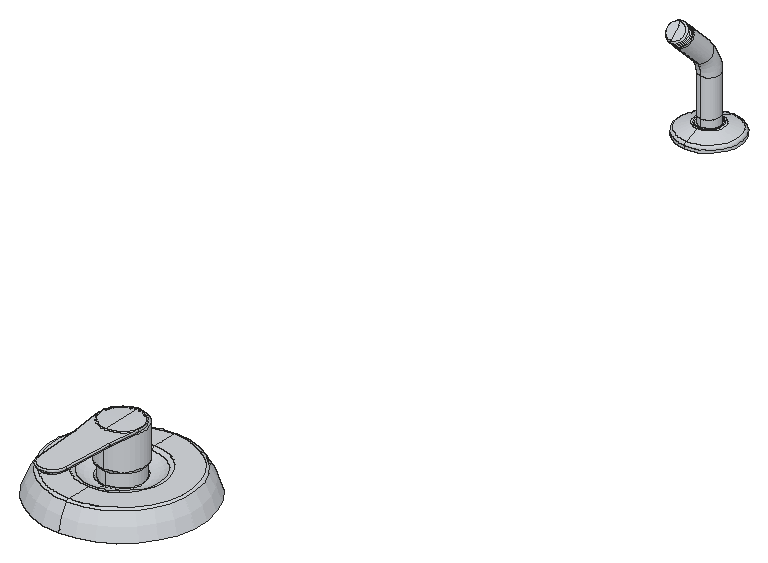
Revit family "Shower-Shower_Trim-KOHLER-July-K-TLS98009", category Plumbing Fixtures, host Face, Revit 2015
Parameters (values of type "CP-Polished Chrome")
  Width = 6 1/2"  # constant formula
  WaterSense Certified = 1 = 0  # no
  Waste Water Outlet = "Waste Water Outlet"  # constant formula
  Waste Connection = 1 = 0  # no
  Vent Connection = 1 = 0  # no
  URL = "https://www.us.kohler.com/us/"
  Type = 1
  Tempered Water Inlet = "Tempered Water Inlet"  # constant formula
  Product Page URL = "http://www.us.kohler.com/us/catalog/productDetails.jsp?productNumber=TLS98009-4"
  Product Name = "July"  # constant formula
  Product Documentation Link = "https://www.us.kohler.com/webassets/kpna/catalog/pdf/en/K-TLS98009-4_spec.pdf"
  Pressure = 0.00 psi
  Model = if(Type = 1, "K-TLS98009-4-CP", if(Type = 2, "K-TLS98009-4-G", "NA"))  # "K-TLS98009-4-CP"
  Material = "Premium Metal Construction"  # constant formula
  MasterFormat 2004 = "22.41.23"  # constant formula
  MasterFormat 1995 = "15410"  # constant formula
  Manufacturer Address = "444 Highland Dr, Kohler, WI 53044"  # constant formula
  Manufacturer = "KOHLER Co."  # constant formula
  Length = 4 1/2"  # constant formula
  Hot Water Inlet = "Hot Water Inlet"  # constant formula
  Height = 6 1/2"  # constant formula
  Handle Clearance = 4 1/8"  # constant formula
  HW Connection = 1 = 1  # yes
  Flow Rate = 0 GPM
  Finish = Kohler-Metal-CP-Polished_Chrome
  Environmental Product Declaration = ""
  Drain Included = 1 = 0  # no
  Showerhead Distance [instance] = 30"
  Description = "Rite-Temp shower valve trim with lever handle, less showerhead"  # constant formula
  Default Elevation = 42"
  Declare Label = ""
  Date Modified = "04/09/2019"  # constant formula
  Date Created = "04/09/2019"  # constant formula
  Copyright = "Copyright KOHLER Co."  # constant formula
  Contact Us = "https://www.us.kohler.com/us/static/contact.jsp"
  Cold Water Inlet = "Cold Water Inlet"  # constant formula
  CW Connection = 1 = 0  # no
  Assembly Code = "D2010700"
  ADA Compliant = 1 = 1  # yes
Types (3): name | Type | Model | Finish | Showerhead Distance
  (no name) | 1 | "K-TLS98009-4-CP" | Kohler-Metal-CP-Polished_Chrome | 30"
  CP-Polished Chrome | 1 | "K-TLS98009-4-CP" | Kohler-Metal-CP-Polished_Chrome | 30"
  G-Brushed Chrome | 2 | "K-TLS98009-4-G" | Kohler-Metal-G-Brushed_Chrome | 36"
Reference planes (in)
  plane 1 "Center (Front/Back)": y = 0
  plane 2: z = 0
  plane 3 "Center (Left/Right)": x = 0
  plane 4: y = 30
  plane 5: y = 3.25
  plane 6: x = -3.25
  plane 7: y = -3.25
  plane 8: x = 3.25
  plane 9: z = 4.5
  plane 10: y = 31.25
  plane 11: x = 1.25
  plane 12: y = 28.75
  plane 13: x = -1.25
  plane 14: y = 28.3125
  plane 15: z = 2.75
  plane 16: y = -4.125
Dimensions and locks (in)
  "Showerhead Distance": plane 1 "Center (Front/Back)" to plane 4
  "Length": plane 9 to level
  "Height": plane 7 to plane 5
  "Width": plane 6 to plane 8
  equal spacing: plane 7, plane 1 "Center (Front/Back)", plane 5
  equal spacing: plane 6, plane 3 "Center (Left/Right)", plane 8
  equal spacing: plane 13, plane 3 "Center (Left/Right)", plane 11
  equal spacing: plane 10, plane 4, plane 12
  plane 13 to plane 11 = 2 1/2"
  plane 10 to plane 12 = 2 1/2"
  plane 4 to plane 14 = 1 11/16"
  plane 15 to plane 2 = 2 3/4"
  plane 1 "Center (Front/Back)" to plane 16 = 4 1/8"
  "Handle Clearance": plane 16 to plane 1 "Center (Front/Back)"
  aligned and locked: host face to plane 2
  aligned and locked: host face to level
  aligned and locked: plane 4 to nested 2
Automatic sketch dimensions
  host sketch curve to host sketch curve = 96"  (x2)
Nested families (in)
  nested 1: "K-TLS98009_Trim" at (0, 0, 0), type "K-T14777_Trim"
  nested 2: "K-TLS98009_Shower arm" at (0, 3, 0), type "K-T14777_Showerhead"
Connectors (in)
  piping at (0, 30, 0.10453), diameter 0.5, driven by "HW Connection", driven by "Tempered Water Inlet", driven by "Flow Rate"
    settings: on nested 2, index 1, connector inside diameter 24", connector length 0", flow factor 0, pipe flow 0 GPM, pressure drop 0.00 psi, fitting loss kfactor 0, connector angle 0.00°, fixture units 0, engagement length 0", angle of deflection 0.00°, flow configuration 0, flow direction 1, fitting loss method 0, system type 19, joint type 0, gender type 0, connector reference index -1, connector utility 1, adjustable connector no, is connector primary yes, connector description "Tempered Water Inlet"
Definition of nested family "K-TLS98009_Trim"
  Parameters (values of type "K-TLS98009_Trim")
    Material = none
  Reference planes (in)
    plane 1 "Center (Front/Back)": y = 0
    plane 2: z = 0
    plane 3 "Center (Left/Right)": x = 0
    plane 4: z = 2.75
    plane 5: x = 3.25
    plane 6: y = 3.25
    plane 7: x = -3.25
    plane 8: y = -3.25
    plane 9: y = -4.125
    plane 10: z = 4.5
  Forms (in)
    Revolve 1, solid, material <- "Material", detail levels medium+fine
      sketch origin (0, 0, 0) x (0, 1, 0) y (0, 0, 1)
        loop
          arc (0, 2.75) -> (0.40792, 2.74518) -> (0.81564, 2.73171) r 19.24857
          arc (0.81564, 2.73171) -> (0.89339, 2.69648) -> (0.9252, 2.61726) r 0.11456
          line (0.9252, 2.61726) -> (0.9252, 1.29484)
          arc (0.9252, 1.29484) -> (0.91939, 1.28081) -> (0.90536, 1.275) r 0.01984
          line (0.90536, 1.275) -> (0.81196, 1.275) -> (0.81196, 0.61989) -> (0.83872, 0.5625) -> (0.83872, 0.63519)
          arc (0.83872, 0.63519) -> (0.85521, 0.67445) -> (0.89479, 0.69017) r 0.05499
          arc (0.89479, 0.69017) -> (1.22996, 0.74858) -> (1.51879, 0.92837) r 0.89087
          arc (1.51879, 0.92837) -> (1.60314, 0.98145) -> (1.70106, 1) r 0.26771
          line (1.70106, 1) -> (2.70023, 1)
          arc (2.70023, 1) -> (2.76314, 0.98478) -> (2.81213, 0.94249) r 0.13762
          arc (2.81213, 0.94249) -> (3.07511, 0.49171) -> (3.25, 0) r 2.80418
          line (3.25, 0) -> (0, 0) -> (0, 2.75567)
        axis (0, 2.75567) -> (0, 0)
      angle from 0 to 360
    Sweep 2, solid, material <- "Material", detail levels medium+fine
      path origin (0, 0, 0) x (1, 0, 0) y (0, 1, 0)
        loop
          line (0.38024, -3.5592) -> (0.49988, -1.50814)
          arc (0.49988, -1.50814) -> (0.56007, -0.85677) -> (0.6642, -0.21097) r 9.65895
          arc (0.6642, -0.21097) -> (0, 0.59621) -> (-0.6642, -0.21097) r 0.67687
          arc (-0.6642, -0.21097) -> (-0.56007, -0.85677) -> (-0.49988, -1.50814) r 9.65895
          line (-0.49988, -1.50814) -> (-0.38024, -3.5592)
          arc (-0.38024, -3.5592) -> (0, -3.91791) -> (0.38024, -3.5592) r 0.38088
      profile origin (0, -3.91791, 0) x (0, -1, 0) y (0, 0, 1)
        loop
          line (-0.03816, 2.72706) -> (-0.03816, 2.53213) -> (0.01289, 2.53213)
          arc (0.01289, 2.53213) -> (0.07109, 2.54224) -> (0.12247, 2.57139) r 0.17254
          arc (0.12247, 2.57139) -> (0.16536, 2.61242) -> (0.20161, 2.65941) r 0.39492
          arc (0.20161, 2.65941) -> (0.20356, 2.70412) -> (0.16514, 2.72706) r 0.04365
          line (0.16514, 2.72706) -> (-0.03816, 2.72706)
    Extrusion 3, solid, material <- "Material", detail levels medium+fine
      sketch origin (0, 0, 0) x (1, 0, 0) y (0, 1, 0)
        loop
          arc (0.6642, -0.21097) -> (0, 0.59621) -> (-0.6642, -0.21097) r 0.67687
          arc (-0.6642, -0.21097) -> (-0.56007, -0.85677) -> (-0.49988, -1.50814) r 9.65895
          line (-0.49988, -1.50814) -> (-0.38024, -3.5592)
          arc (-0.38024, -3.5592) -> (0, -3.91791) -> (0.38024, -3.5592) r 0.38088
          line (0.38024, -3.5592) -> (0.49988, -1.50814)
          arc (0.49988, -1.50814) -> (0.56007, -0.85677) -> (0.6642, -0.21097) r 9.65895
      from 2.53213 to 2.72706
    Revolve 4, solid, material <- "Material", detail levels coarse
      sketch origin (0, 0, 0) x (0, 1, 0) y (0, 0, 1)
        loop
          line (0, 0) -> (3.25, 0) -> (3.25, 1) -> (0.92544, 1) -> (0.92544, 2.75) -> (0, 2.75) -> (0, 0)
        axis (0, 2.75) -> (0, 0)
      angle from 0 to 360
    Extrusion 5, solid, material <- "Material", detail levels coarse
      sketch origin (0, 0, 0) x (1, 0, 0) y (0, 1, 0)
        loop
          arc (0.86349, -0.06174) -> (0, 0.89745) -> (-0.86349, -0.06174) r 0.86827
          arc (-0.86349, -0.06174) -> (-0.69902, -1.82143) -> (-0.57579, -3.5845) r 75.47576
          arc (-0.57579, -3.5845) -> (0, -4.12778) -> (0.57579, -3.5845) r 0.57676
          arc (0.57579, -3.5845) -> (0.69902, -1.82143) -> (0.86349, -0.06174) r 75.47576
      from 2.50978 to 2.75
  Cuts and joins
    joined: Sweep 2, Extrusion 3
    joined: Revolve 4, Extrusion 5
  Lines and regions (in)
    Masking region 1
      outline origin (0, 0, 0) x (1, 0, 0) y (0, 1, 0)
        loop
          arc (-0.11992, 3.25) -> (-2.29966, 2.29966) -> (-3.25, 0.11992) r 3.25221
          line (-3.25, 0.11992) -> (-3.25, -0.11992)
          arc (-3.25, -0.11992) -> (-2.46767, -2.11837) -> (-0.61076, -3.19435) r 3.25221
          line (-0.61076, -3.19435) -> (-0.58847, -3.5727)
          arc (-0.58847, -3.5727) -> (-0.42377, -3.9478) -> (-0.05441, -4.125) r 0.58949
          line (-0.05441, -4.125) -> (0.05441, -4.125)
          arc (0.05441, -4.125) -> (0.42377, -3.9478) -> (0.58847, -3.5727) r 0.58949
          line (0.58847, -3.5727) -> (0.61076, -3.19435)
          arc (0.61076, -3.19435) -> (2.46767, -2.11837) -> (3.25, -0.11992) r 3.25221
          line (3.25, -0.11992) -> (3.25, 0.11992)
          arc (3.25, 0.11992) -> (2.29966, 2.29966) -> (0.11992, 3.25) r 3.25221
          line (0.11992, 3.25) -> (-0.11992, 3.25)
    Masking region 2
      outline origin (0, 0, 0) x (0, 1, 0) y (0, 0, 1)
        loop
          line (0.81196, 1) -> (0.81196, 1.27506) -> (0.90529, 1.27506)
          arc (0.90529, 1.27506) -> (0.91926, 1.28084) -> (0.92505, 1.29481) r 0.01975
          line (0.92505, 1.29481) -> (0.92505, 2.61716)
          arc (0.92505, 2.61716) -> (0.89304, 2.69662) -> (0.81489, 2.73171) r 0.11463
          arc (0.81489, 2.73171) -> (0.581, 2.74296) -> (0.34695, 2.75) r 13.02006
          line (0.34695, 2.75) -> (-3.19893, 2.75)
          arc (-3.19893, 2.75) -> (-3.64701, 2.74248) -> (-4.09458, 2.71993) r 13.35482
          arc (-4.09458, 2.71993) -> (-4.12051, 2.70397) -> (-4.12202, 2.67357) r 0.03267
          arc (-4.12202, 2.67357) -> (-4.0785, 2.60683) -> (-4.01792, 2.55508) r 0.2796
          arc (-4.01792, 2.55508) -> (-3.98417, 2.53988) -> (-3.94752, 2.53468) r 0.1317
          line (-3.94752, 2.53468) -> (-3.63848, 2.53468)
          arc (-3.63848, 2.53468) -> (-3.35428, 2.55843) -> (-3.06919, 2.56636) r 5.13102
          line (-3.06919, 2.56636) -> (-1.54406, 2.56636)
          arc (-1.54406, 2.56636) -> (-1.41517, 2.56474) -> (-1.28636, 2.55988) r 5.13104
          arc (-1.28636, 2.55988) -> (-1.0299, 2.44215) -> (-0.9252, 2.1801) r 0.38026
          line (-0.9252, 2.1801) -> (-0.9252, 1.29484)
          arc (-0.9252, 1.29484) -> (-0.91939, 1.28081) -> (-0.90536, 1.275) r 0.01983
          line (-0.90536, 1.275) -> (-0.81196, 1.275) -> (-0.81196, 1) -> (-2.70023, 1)
          arc (-2.70023, 1) -> (-2.76314, 0.98478) -> (-2.81213, 0.94249) r 0.13762
          arc (-2.81213, 0.94249) -> (-3.07511, 0.49171) -> (-3.25, 0) r 2.80418
          line (-3.25, 0) -> (3.25, 0)
          arc (3.25, 0) -> (3.07511, 0.49171) -> (2.81213, 0.94249) r 2.80418
          arc (2.81213, 0.94249) -> (2.76314, 0.98478) -> (2.70023, 1) r 0.13762
          line (2.70023, 1) -> (0.81196, 1)
    Masking region 3
      outline origin (0, 0, 0) x (1, 0, 0) y (0, 0, 1)
        loop
          arc (3.25, 0) -> (3.07345, 0.49119) -> (2.8105, 0.94206) r 2.85759
          arc (2.8105, 0.94206) -> (2.7607, 0.98518) -> (2.69668, 1.0007) r 0.1398
          line (2.69668, 1.0007) -> (0.81196, 1.0007) -> (0.81196, 1.275) -> (0.90487, 1.275)
          arc (0.90487, 1.275) -> (0.91925, 1.28096) -> (0.92521, 1.29534) r 0.02034
          line (0.92521, 1.29534) -> (0.92521, 2.61101)
          arc (0.92521, 2.61101) -> (0.89196, 2.69423) -> (0.81051, 2.73163) r 0.12078
          arc (0.81051, 2.73163) -> (0.53106, 2.74326) -> (0.25145, 2.75) r 16.00781
          line (0.25145, 2.75) -> (-0.24082, 2.75)
          arc (-0.24082, 2.75) -> (-0.52006, 2.74327) -> (-0.79914, 2.73167) r 16.00781
          arc (-0.79914, 2.73167) -> (-0.88794, 2.69826) -> (-0.92521, 2.61101) r 0.12078
          line (-0.92521, 2.61101) -> (-0.92521, 1.29534)
          arc (-0.92521, 1.29534) -> (-0.91925, 1.28096) -> (-0.90487, 1.275) r 0.02034
          line (-0.90487, 1.275) -> (-0.81196, 1.275) -> (-0.81196, 1.0007) -> (-2.69668, 1.0007)
          arc (-2.69668, 1.0007) -> (-2.7607, 0.98518) -> (-2.8105, 0.94206) r 0.1398
          arc (-2.8105, 0.94206) -> (-3.07345, 0.49119) -> (-3.25, 0) r 2.85759
          line (-3.25, 0) -> (3.25, 0)
    symbolic lines, detail levels medium+fine
      curve 1: line (-0.61076, -3.19435, 0) -> (-0.69769, -1.75152, 0)
      curve 2: arc (-0.69769, -1.75152, 0) -> (-0.77343, -0.96424, 0) -> (-0.90518, -0.18438, 0) r 11.07096
      curve 3: line (0.61076, -3.19435, 0) -> (0.69769, -1.75152, 0)
      curve 4: arc (0.69769, -1.75152, 0) -> (0.77343, -0.96424, 0) -> (0.90518, -0.18438, 0) r 11.07096
      curve 5: arc (-0.90518, -0.18438, 0) -> (0, 0.9262, 0) -> (0.90518, -0.18438, 0) r 0.92418
      curve 6: line (0, -4.11934, 2.66824) -> (0, 0.91323, 2.66824)
      curve 7: arc (0, -0.9252, 2.18009) -> (0, -0.38704, 2.28096) -> (0, 0, 2.66824) r 0.92576
      curve 8: line (0, 0.81196, 1.275) -> (0, -0.81196, 1.275)
      curve 9: line (0, 0.81196, 1) -> (0, -0.81196, 1)
      curve 10: arc (0.64211, -2.67398, 0) -> (0, 2.75, 0) -> (-0.64211, -2.67398, 0) r 2.75
      curve 11: arc (0.71837, -1.46867, 0) -> (0, 1.63495, 0) -> (-0.71837, -1.46867, 0) r 1.63495
      curve 12: line (0.81196, 0, 1.0007) -> (-0.81196, 0, 1.0007)
      curve 13: line (0.81196, 0, 1.275) -> (-0.81196, 0, 1.275)
  Dimensions and locks (in)
    plane 4 to plane 2 = 2 3/4"
    plane 7 to plane 5 = 6 1/2"
    equal spacing: plane 7, plane 3 "Center (Left/Right)", plane 5
    plane 6 to plane 8 = 6 1/2"
    equal spacing: plane 6, plane 1 "Center (Front/Back)", plane 8
    plane 9 to plane 1 "Center (Front/Back)" = 4 1/8"
    plane 10 to plane 2 = 4 1/2"
    aligned and locked: plane 2 to level
  Automatic sketch dimensions
    Sweep 2 sketch curve to plane 3 "Center (Left/Right)" = 0"  (x2)
    Sweep 2 sketch curve to plane 3 "Center (Left/Right)" = 0.38024"
    Sweep 2 sketch curve to plane 3 "Center (Left/Right)" = 0.49988"
    Sweep 2 sketch curve to plane 8 = 1.17937"  (x2)
    plane 7 to Sweep 2 sketch curve = 6.89244"
    plane 8 to Sweep 2 sketch curve = 0.3092"
    plane 3 "Center (Left/Right)" to Sweep 2 sketch curve = 0.38024"
    plane 3 "Center (Left/Right)" to Sweep 2 sketch curve = 0.49988"
    plane 5 to Sweep 2 sketch curve = 6.89244"
    plane 8 to Sweep 2 sketch curve = 0.28702"
    plane 1 "Center (Front/Back)" to Sweep 2 sketch curve = 1.50814"
    Sweep 2 sketch curve to Sweep 2 sketch curve = 0"  (x3)
    plane 1 "Center (Front/Back)" to Sweep 2 sketch curve = 0.08065"
    Extrusion 3 sketch curve to plane 3 "Center (Left/Right)" = 0"  (x2)
    Extrusion 3 sketch curve to plane 3 "Center (Left/Right)" = 0.38024"
    Extrusion 3 sketch curve to plane 3 "Center (Left/Right)" = 0.49988"
    Extrusion 3 sketch curve to plane 8 = 1.17937"  (x2)
    plane 7 to Extrusion 3 sketch curve = 6.89244"
    plane 8 to Extrusion 3 sketch curve = 0.3092"
    plane 3 "Center (Left/Right)" to Extrusion 3 sketch curve = 0.38024"
    plane 3 "Center (Left/Right)" to Extrusion 3 sketch curve = 0.49988"
    plane 5 to Extrusion 3 sketch curve = 6.89244"
    plane 8 to Extrusion 3 sketch curve = 0.28702"
    plane 1 "Center (Front/Back)" to Extrusion 3 sketch curve = 1.50814"
    Extrusion 3 sketch curve to Extrusion 3 sketch curve = 0"  (x2)
    plane 1 "Center (Front/Back)" to Extrusion 3 sketch curve = 0.08065"
    profile plane to Sweep 2 sketch curve = 0.12832"
    profile plane to Sweep 2 sketch curve = 0.03816"
    Sweep 2 sketch curve to profile plane = 0.01289"
    Sweep 2 sketch curve to Sweep 2 sketch curve = 0.15224"
    level to Sweep 2 sketch curve = 2.53213"
    Sweep 2 sketch curve to Sweep 2 sketch curve = 0.15128"
    Sweep 2 sketch curve to Sweep 2 sketch curve = 0.02127"
    Sweep 2 sketch curve to Sweep 2 sketch curve = 0.02239"
    Sweep 2 sketch curve to Sweep 2 sketch curve = 0.14939"
    Masking region 1 sketch curve to Masking region 1 sketch curve = 0"  (x8)
    Masking region 1 sketch curve to plane 7 = 0"
    Masking region 1 sketch curve to plane 6 = 0"
    plane 1 "Center (Front/Back)" to Masking region 1 sketch curve = 0"
    Masking region 1 sketch curve to plane 3 "Center (Left/Right)" = 0"  (x2)
    Masking region 1 sketch curve to plane 5 = 0"
    Masking region 1 sketch curve to plane 3 "Center (Left/Right)" = 0.11992"
    plane 3 "Center (Left/Right)" to Masking region 1 sketch curve = 0.11992"
    plane 8 to Masking region 1 sketch curve = 0.28803"
    plane 1 "Center (Front/Back)" to Masking region 1 sketch curve = 0.11992"  (x2)
    Masking region 1 sketch curve to Masking region 1 sketch curve = 0.02229"  (x2)
    Masking region 1 sketch curve to plane 8 = 0.05565"  (x2)
    Masking region 1 sketch curve to plane 3 "Center (Left/Right)" = 0.05441"
    plane 3 "Center (Left/Right)" to Masking region 1 sketch curve = 0.05441"
    Masking region 1 sketch curve to plane 9 = 0"
    Revolve 1 sketch curve to plane 1 "Center (Front/Back)" = 0"  (x2)
    Revolve 1 sketch curve to level = 0"
    Revolve 1 sketch curve to plane 6 = 0"
    Revolve 1 sketch curve to plane 4 = 0"
    plane 1 "Center (Front/Back)" to Revolve 1 sketch curve = 0.02353"
    Revolve 1 sketch curve to plane 1 "Center (Front/Back)" = 0.53199"
    Revolve 1 sketch curve to plane 4 = 0.13274"
    Revolve 1 sketch curve to plane 1 "Center (Front/Back)" = 0.81064"
    Revolve 1 sketch curve to plane 1 "Center (Front/Back)" = 0.81196"
    Revolve 1 sketch curve to Revolve 1 sketch curve = 0.02676"
    Revolve 1 sketch curve to Revolve 1 sketch curve = 0.05499"
    Revolve 1 sketch curve to Revolve 1 sketch curve = 0.09341"
    Revolve 1 sketch curve to Revolve 1 sketch curve = 0.00689"
    Revolve 1 sketch curve to Revolve 1 sketch curve = 0.11456"
    Revolve 1 sketch curve to Revolve 1 sketch curve = 0.77586"
    Revolve 1 sketch curve to plane 6 = 0.54977"
    Revolve 1 sketch curve to level = 0.68979"
    Revolve 1 sketch curve to Revolve 1 sketch curve = 15.80876"
    level to Revolve 1 sketch curve = 9/16"
    Revolve 1 sketch curve to Revolve 1 sketch curve = 0.05739"
    Revolve 1 sketch curve to Revolve 1 sketch curve = 0.0153"
    level to Revolve 1 sketch curve = 0.73229"
    level to Revolve 1 sketch curve = 0.86238"
    Revolve 1 sketch curve to Revolve 1 sketch curve = 0.26771"
    Revolve 1 sketch curve to Revolve 1 sketch curve = 0.58483"
    Revolve 1 sketch curve to Revolve 1 sketch curve = 0.28604"
    Revolve 1 sketch curve to Revolve 1 sketch curve = 0"  (x2)
    Revolve 1 sketch curve to Revolve 1 sketch curve = 0.21776"
    plane 4 to Revolve 1 sketch curve = 0.00567"
    curve 7 to plane 1 "Center (Front/Back)" = 0"
    plane 4 to curve 7 = 0.34975"
    plane 1 "Center (Front/Back)" to curve 7 = 0.81905"
    plane 1 "Center (Front/Back)" to curve 9 = 0.81196"
    curve 8 to curve 9 = 0"  (x2)
    curve 7 to curve 8 = 0.11325"
    plane 9 to curve 6 = 0.00566"
    curve 9 to plane 1 "Center (Front/Back)" = 0.81196"
    curve 6 to plane 4 = 0.08176"
    curve 7 to curve 6 = 0.91323"
    curve 8 to curve 7 = 0.90509"
    curve 9 to curve 8 = 0.275"
    Masking region 2 sketch curve to level = 0"
    Masking region 2 sketch curve to plane 8 = 0"
    plane 4 to Masking region 2 sketch curve = 0"
    Masking region 2 sketch curve to plane 6 = 0"
    plane 8 to Masking region 2 sketch curve = 0.38848"
    plane 4 to Masking region 2 sketch curve = 0.04137"
    plane 9 to Masking region 2 sketch curve = 0.25655"
    plane 9 to Masking region 2 sketch curve = 0.17748"
    plane 9 to Masking region 2 sketch curve = 0.03261"
    Masking region 2 sketch curve to plane 8 = 0.05107"
    Masking region 2 sketch curve to plane 8 = 0.18081"
    Masking region 2 sketch curve to plane 8 = 0.54977"
    Masking region 2 sketch curve to Masking region 2 sketch curve = 1.52513"
    Masking region 2 sketch curve to Masking region 2 sketch curve = 0.2386"
    Masking region 2 sketch curve to Masking region 2 sketch curve = 0.38026"
    Masking region 2 sketch curve to Masking region 2 sketch curve = 0.01983"
    Masking region 2 sketch curve to Masking region 2 sketch curve = 0.09341"
    plane 1 "Center (Front/Back)" to Masking region 2 sketch curve = 0.53199"
    Masking region 2 sketch curve to plane 1 "Center (Front/Back)" = 0.0725"
    Masking region 2 sketch curve to plane 1 "Center (Front/Back)" = 0.34695"
    Masking region 2 sketch curve to plane 1 "Center (Front/Back)" = 0.53199"
    Masking region 2 sketch curve to plane 4 = 0.13284"
    Masking region 2 sketch curve to Masking region 2 sketch curve = 0.46346"
    Masking region 2 sketch curve to plane 1 "Center (Front/Back)" = 0.81196"
    Masking region 2 sketch curve to Masking region 2 sketch curve = 0.09334"
    Masking region 2 sketch curve to Masking region 2 sketch curve = 0.01975"
    Masking region 2 sketch curve to plane 6 = 0.54977"
    Masking region 2 sketch curve to level = 0.68979"  (x2)
    Masking region 2 sketch curve to level = 2.56466"
    Masking region 2 sketch curve to Masking region 2 sketch curve = 0.00002"
    Masking region 2 sketch curve to Masking region 2 sketch curve = 7.70249"
    Masking region 2 sketch curve to Masking region 2 sketch curve = 0.33765"
    level to Masking region 2 sketch curve = 0.86238"  (x2)
    Masking region 2 sketch curve to Masking region 2 sketch curve = 0.05751"  (x2)
    Masking region 2 sketch curve to Masking region 2 sketch curve = 0.275"
    Masking region 2 sketch curve to Masking region 2 sketch curve = 0.27506"
    Masking region 2 sketch curve to plane 4 = 0.5699"
    Masking region 2 sketch curve to plane 4 = 0.21532"
    Masking region 2 sketch curve to plane 4 = 0.08362"
    Masking region 2 sketch curve to plane 4 = 0.06267"
    Masking region 2 sketch curve to Masking region 2 sketch curve = 0"  (x2)
    curve 10 to curve 11 = 0"  (x2)
    plane 1 "Center (Front/Back)" to curve 11 = 0"
    curve 11 to plane 3 "Center (Left/Right)" = 0"
    curve 5 to plane 3 "Center (Left/Right)" = 0"
    curve 2 to plane 8 = 0.83264"
    plane 7 to curve 2 = 8.49861"
    plane 3 "Center (Left/Right)" to curve 3 = 0.69769"
    curve 4 to plane 8 = 0.83264"
    plane 5 to curve 4 = 8.49861"
    curve 1 to plane 8 = 1.49848"
    curve 1 to curve 3 = 0"
    curve 5 to plane 1 "Center (Front/Back)" = 0.00202"
    curve 1 to plane 8 = 0.05565"
    curve 1 to plane 3 "Center (Left/Right)" = 0.61076"
    curve 10 to curve 1 = 0.03135"
    curve 11 to curve 1 = 0.02068"
    curve 5 to curve 2 = 0"
    curve 3 to plane 8 = 0.05565"
    plane 3 "Center (Left/Right)" to curve 3 = 0.61076"
    curve 3 to curve 10 = 0.03135"
    Masking region 3 sketch curve to Masking region 3 sketch curve = 0"  (x2)
    Masking region 3 sketch curve to level = 0"
    Masking region 3 sketch curve to plane 4 = 0"
    Masking region 3 sketch curve to plane 7 = 0.55332"
    Masking region 3 sketch curve to plane 4 = 0.13899"  (x2)
    Masking region 3 sketch curve to plane 3 "Center (Left/Right)" = 0.92521"
    Masking region 3 sketch curve to Masking region 3 sketch curve = 0.02034"
    Masking region 3 sketch curve to Masking region 3 sketch curve = 0.09292"  (x2)
    Masking region 3 sketch curve to Masking region 3 sketch curve = 0.12078"  (x2)
    Masking region 3 sketch curve to plane 3 "Center (Left/Right)" = 0.48381"
    Masking region 3 sketch curve to plane 3 "Center (Left/Right)" = 0.24082"
    plane 3 "Center (Left/Right)" to Masking region 3 sketch curve = 0.00532"
    plane 3 "Center (Left/Right)" to Masking region 3 sketch curve = 0.25145"
    plane 3 "Center (Left/Right)" to Masking region 3 sketch curve = 0.48381"
    Masking region 3 sketch curve to Masking region 3 sketch curve = 0.55298"
    plane 3 "Center (Left/Right)" to Masking region 3 sketch curve = 0.81196"
    Masking region 3 sketch curve to plane 5 = 0.55332"
    Masking region 3 sketch curve to level = 0.71696"  (x2)
    Masking region 3 sketch curve to Masking region 3 sketch curve = 12.53896"
    level to Masking region 3 sketch curve = 0.8609"  (x2)
    level to Masking region 3 sketch curve = 1.0007"
    Masking region 3 sketch curve to Masking region 3 sketch curve = 0.05864"
    Masking region 3 sketch curve to Masking region 3 sketch curve = 0.2743"  (x2)
    plane 7 to Masking region 3 sketch curve = 0"
    Masking region 3 sketch curve to plane 5 = 0"
    curve 12 to plane 3 "Center (Left/Right)" = 0.81196"
    level to curve 12 = 1.0007"
    curve 13 to curve 12 = 0"  (x2)
    plane 3 "Center (Left/Right)" to curve 13 = 0.81196"
    curve 12 to curve 13 = 0.2743"
    Revolve 4 sketch curve to level = 0"
    Revolve 4 sketch curve to plane 1 "Center (Front/Back)" = 0"  (x2)
    Revolve 4 sketch curve to plane 4 = 0"  (x2)
    Revolve 4 sketch curve to plane 6 = 0"
    Revolve 4 sketch curve to Revolve 4 sketch curve = 0.92544"
    level to Revolve 4 sketch curve = 1"
    Revolve 4 sketch curve to Revolve 4 sketch curve = 1/2"
    Extrusion 5 sketch curve to plane 3 "Center (Left/Right)" = 0"  (x2)
    Extrusion 5 sketch curve to plane 9 = 3.84011"  (x2)
    plane 7 to Extrusion 5 sketch curve = 72.67432"
    plane 5 to Extrusion 5 sketch curve = 72.67432"
    plane 8 to Extrusion 5 sketch curve = 0.30102"
    Extrusion 5 sketch curve to plane 1 "Center (Front/Back)" = 0.02918"
    plane 8 to Extrusion 5 sketch curve = 0.3345"
    Extrusion 5 sketch curve to Extrusion 5 sketch curve = 0"  (x3)
Definition of nested family "K-TLS98009_Shower arm"
  Parameters (values of type "K-TLS98009_Shower arm")
    Material = none
  Reference planes (in)
    plane 1 "Center (Front/Back)": y = 0
    plane 2: z = 0
    plane 3 "Center (Left/Right)": x = 0
    plane 4: y = 28.25
    plane 5: y = 27
    plane 6: z = 4.5
    plane 7: y = 25.3125
    plane 8: y = 25.75
    plane 9: x = 1.25
    plane 10: x = -1.25
  Forms (in)
    Revolve 1, solid, material <- "Material", detail levels medium+fine
      sketch origin (0, 0, 0) x (0, 1, 0) y (0, 0, 1)
        loop
          line (27, 0.10453) -> (27, 0.73751) -> (26.59397, 0.73751) -> (26.59397, 0.37855)
          arc (26.59397, 0.37855) -> (26.57597, 0.422) -> (26.53252, 0.44) r 0.06145
          line (26.53252, 0.44) -> (26.47314, 0.44)
          arc (26.47314, 0.44) -> (26.44157, 0.43738) -> (26.41086, 0.42958) r 0.19131
          line (26.41086, 0.42958) -> (25.84101, 0.23336)
          arc (25.84101, 0.23336) -> (25.77508, 0.18413) -> (25.75, 0.10577) r 0.13494
          line (25.75, 0.10577) -> (25.75, 0) -> (26.81714, 0) -> (26.81714, 0.10453) -> (27, 0.10453)
        axis (27, 0.73751) -> (27, 0)
      angle from 0 to 360
    Sweep 2, solid, material <- "Material", detail levels medium+fine
      path origin (0, 0, 0) x (0, 1, 0) y (0, 0, 1)
        loop
          line (27, 0.73751) -> (27, 2.29473)
          arc (27, 2.29473) -> (26.90485, 2.77309) -> (26.63388, 3.17862) r 1.25
          line (26.63388, 3.17862) -> (25.63078, 4.18172)
      profile origin (0, 27, 1.51612) x (0, -1, 0) y (1, 0, 0)
        loop
          circle (0, 0) r 0.40603
    Revolve 3, solid, material <- "Material", detail levels medium+fine
      sketch origin (0, 0, 0) x (0, 1, 0) y (0, 0, 1)
        loop
          line (25.3125, 4.5) -> (25.63078, 4.18172) -> (25.91789, 4.46883) -> (25.87551, 4.5112) -> (25.82124, 4.5112) -> (25.82124, 4.56547) -> (25.75903, 4.56547) -> (25.75903, 4.62769) -> (25.69374, 4.61809) -> (25.69374, 4.68173) -> (25.63015, 4.68173) -> (25.63015, 4.74905) -> (25.56155, 4.74905) -> (25.3125, 4.5)
        axis (25.3125, 4.5) -> (25.63078, 4.18172)
      angle from 0 to 360
    Extrusion 4, solid, material <- "Material", detail levels coarse
      sketch origin (0, 0, 0) x (1, 0, 0) y (0, 1, 0)
        loop
          circle (0, 27) r 1.25
      from 0 to 0.43961
    Sweep 5, solid, material <- "Material", detail levels coarse
      path origin (0, 0, 0) x (0, 1, 0) y (0, 0, 1)
        loop
          line (27, 0.43961) -> (27, 2.29473)
          arc (27, 2.29473) -> (26.90485, 2.77309) -> (26.63388, 3.17862) r 1.25
          line (26.63388, 3.17862) -> (25.3125, 4.5)
      profile origin (0, 27, 1.36717) x (0, -1, 0) y (1, 0, 0)
        loop
          circle (0, 0) r 0.40603
  Cuts and joins
    joined: Revolve 1, Sweep 2, Revolve 3
    joined: Extrusion 4, Sweep 5
  Lines and regions (in)
    Masking region 1
      outline origin (0, 0, 0) x (0, 1, 0) y (0, 0, 1)
        loop
          line (28.25, 0) -> (28.25, 0.1044)
          arc (28.25, 0.1044) -> (28.22458, 0.18383) -> (28.15776, 0.23372) r 0.13677
          line (28.15776, 0.23372) -> (27.59641, 0.42701)
          arc (27.59641, 0.42701) -> (27.55808, 0.43674) -> (27.51868, 0.44002) r 0.23874
          line (27.51868, 0.44002) -> (27.40603, 0.44002) -> (27.40603, 2.27919)
          arc (27.40603, 2.27919) -> (27.27712, 2.92729) -> (26.91, 3.47671) r 1.69356
          line (26.91, 3.47671) -> (25.87551, 4.5112) -> (25.82124, 4.5112) -> (25.82124, 4.56547) -> (25.75903, 4.56547) -> (25.75903, 4.62769) -> (25.69351, 4.61806) -> (25.69351, 4.68205) -> (25.63015, 4.68205) -> (25.63015, 4.74905) -> (25.56155, 4.74905) -> (25.06345, 4.25095) -> (25.06345, 4.18332) -> (25.13145, 4.18332) -> (25.13145, 4.12) -> (25.19021, 4.11483) -> (25.18481, 4.05347) -> (25.24703, 4.05347) -> (25.24703, 3.99126) -> (25.3013, 3.99126) -> (25.3013, 3.93699) -> (26.33076, 2.90752)
          arc (26.33076, 2.90752) -> (26.52556, 2.61598) -> (26.59397, 2.27209) r 0.89864
          line (26.59397, 2.27209) -> (26.59397, 0.44002) -> (26.48132, 0.44002)
          arc (26.48132, 0.44002) -> (26.44192, 0.43674) -> (26.40359, 0.42701) r 0.23874
          line (26.40359, 0.42701) -> (25.84224, 0.23372)
          arc (25.84224, 0.23372) -> (25.77542, 0.18383) -> (25.75, 0.1044) r 0.13677
          line (25.75, 0.1044) -> (25.75, 0) -> (28.25, 0)
    Masking region 2
      outline origin (0, 0, 0) x (1, 0, 0) y (0, 0, 1)
        loop
          line (1.25, 0) -> (1.25, 0.11149)
          arc (1.25, 0.11149) -> (1.22639, 0.18525) -> (1.16433, 0.2316) r 0.12703
          line (1.16433, 0.2316) -> (0.58949, 0.42953)
          arc (0.58949, 0.42953) -> (0.55862, 0.43737) -> (0.52688, 0.44001) r 0.1923
          line (0.52688, 0.44001) -> (0.40596, 0.44001) -> (0.40596, 4.22962)
          spline (0.40596, 4.22962) -> (0.4059, 4.23143) -> (0.40583, 4.23323) -> (0.40574, 4.23503) -> (0.40563, 4.23684) -> (0.40551, 4.23864) -> (0.40537, 4.24044) -> (0.40522, 4.24224) -> (0.40505, 4.24404) -> (0.40487, 4.24584) -> (0.40466, 4.24764) -> (0.40445, 4.24943) -> (0.40421, 4.25123)
          spline (0.40421, 4.25123) -> (0.40481, 4.25608) -> (0.40528, 4.26093) -> (0.40564, 4.26578) -> (0.40589, 4.27064) -> (0.40601, 4.2755) -> (0.40602, 4.28036) -> (0.40592, 4.28522) -> (0.40569, 4.29008) -> (0.40536, 4.29494) -> (0.4049, 4.29979) -> (0.40433, 4.30464) -> (0.40364, 4.30947)
          spline (0.40364, 4.30947) -> (0.40464, 4.31678) -> (0.40536, 4.32411) -> (0.40583, 4.33145) -> (0.40602, 4.33879) -> (0.40596, 4.34614) -> (0.40562, 4.35348) -> (0.40502, 4.36081) -> (0.40416, 4.36813) -> (0.40303, 4.37543) -> (0.40164, 4.38271) -> (0.39998, 4.38997) -> (0.39806, 4.39718)
          spline (0.39806, 4.39718) -> (0.39808, 4.3995) -> (0.39808, 4.40182) -> (0.39805, 4.40413) -> (0.39799, 4.40645) -> (0.3979, 4.40876) -> (0.39779, 4.41108) -> (0.39765, 4.41339) -> (0.39749, 4.4157) -> (0.39729, 4.41801) -> (0.39707, 4.42033) -> (0.39682, 4.42263) -> (0.39655, 4.42494)
          spline (0.39655, 4.42494) -> (0.39671, 4.50566) -> (0.36468, 4.58314) -> (0.30305, 4.65109) -> (0.21682, 4.70399) -> (0.113, 4.73756) -> (0, 4.74905) -> (-0.113, 4.73756) -> (-0.21682, 4.70399) -> (-0.30305, 4.65109) -> (-0.36468, 4.58314) -> (-0.39671, 4.50566) -> (-0.39655, 4.42494)
          spline (-0.39655, 4.42494) -> (-0.39682, 4.42263) -> (-0.39707, 4.42033) -> (-0.39729, 4.41801) -> (-0.39749, 4.4157) -> (-0.39765, 4.41339) -> (-0.39779, 4.41108) -> (-0.3979, 4.40876) -> (-0.39799, 4.40645) -> (-0.39805, 4.40413) -> (-0.39808, 4.40182) -> (-0.39808, 4.3995) -> (-0.39806, 4.39718)
          spline (-0.39806, 4.39718) -> (-0.39998, 4.38997) -> (-0.40164, 4.38271) -> (-0.40303, 4.37543) -> (-0.40416, 4.36813) -> (-0.40502, 4.36081) -> (-0.40562, 4.35348) -> (-0.40596, 4.34614) -> (-0.40602, 4.33879) -> (-0.40583, 4.33145) -> (-0.40536, 4.32411) -> (-0.40464, 4.31678) -> (-0.40364, 4.30947)
          spline (-0.40364, 4.30947) -> (-0.40433, 4.30464) -> (-0.4049, 4.29979) -> (-0.40536, 4.29494) -> (-0.40569, 4.29008) -> (-0.40592, 4.28522) -> (-0.40602, 4.28036) -> (-0.40601, 4.2755) -> (-0.40589, 4.27064) -> (-0.40564, 4.26578) -> (-0.40528, 4.26093) -> (-0.40481, 4.25608) -> (-0.40421, 4.25123)
          spline (-0.40421, 4.25123) -> (-0.40445, 4.24943) -> (-0.40466, 4.24764) -> (-0.40487, 4.24584) -> (-0.40505, 4.24404) -> (-0.40522, 4.24224) -> (-0.40537, 4.24044) -> (-0.40551, 4.23864) -> (-0.40563, 4.23684) -> (-0.40574, 4.23503) -> (-0.40583, 4.23323) -> (-0.4059, 4.23143) -> (-0.40596, 4.22962)
          line (-0.40596, 4.22962) -> (-0.40596, 0.44001) -> (-0.52688, 0.44001)
          arc (-0.52688, 0.44001) -> (-0.55862, 0.43737) -> (-0.58949, 0.42953) r 0.1923
          line (-0.58949, 0.42953) -> (-1.16433, 0.2316)
          arc (-1.16433, 0.2316) -> (-1.22639, 0.18525) -> (-1.25, 0.11149) r 0.12703
          line (-1.25, 0.11149) -> (-1.25, 0) -> (1.25, 0)
    Masking region 3
      outline origin (0, 0, 0) x (1, 0, 0) y (0, 1, 0)
        loop
          arc (1.25, 27.03601) -> (0.88425, 27.88425) -> (0.03601, 28.25) r 1.25052
          line (0.03601, 28.25) -> (-0.03601, 28.25)
          arc (-0.03601, 28.25) -> (-0.88425, 27.88425) -> (-1.25, 27.03601) r 1.25052
          line (-1.25, 27.03601) -> (-1.25, 26.96399)
          arc (-1.25, 26.96399) -> (-1.00716, 26.25877) -> (-0.40603, 25.81723) r 1.25052
          line (-0.40603, 25.81723) -> (-0.40603, 25.5884)
          spline (-0.40603, 25.5884) -> (-0.40602, 25.58614) -> (-0.40598, 25.58388) -> (-0.40592, 25.58161) -> (-0.40583, 25.57935) -> (-0.40572, 25.57708) -> (-0.40558, 25.57482) -> (-0.40541, 25.57256) -> (-0.40522, 25.5703) -> (-0.40501, 25.56804) -> (-0.40477, 25.56578) -> (-0.4045, 25.56352) -> (-0.40421, 25.56127)
          spline (-0.40421, 25.56127) -> (-0.40481, 25.55642) -> (-0.40528, 25.55157) -> (-0.40564, 25.54672) -> (-0.40589, 25.54186) -> (-0.40601, 25.537) -> (-0.40602, 25.53214) -> (-0.40592, 25.52728) -> (-0.40569, 25.52242) -> (-0.40536, 25.51756) -> (-0.4049, 25.51271) -> (-0.40433, 25.50786) -> (-0.40364, 25.50303)
          spline (-0.40364, 25.50303) -> (-0.40464, 25.49572) -> (-0.40536, 25.48839) -> (-0.40583, 25.48105) -> (-0.40602, 25.47371) -> (-0.40596, 25.46636) -> (-0.40562, 25.45902) -> (-0.40502, 25.45169) -> (-0.40416, 25.44437) -> (-0.40303, 25.43707) -> (-0.40164, 25.42979) -> (-0.39998, 25.42253) -> (-0.39806, 25.41532)
          spline (-0.39806, 25.41532) -> (-0.39808, 25.413) -> (-0.39808, 25.41068) -> (-0.39805, 25.40837) -> (-0.39799, 25.40605) -> (-0.3979, 25.40374) -> (-0.39779, 25.40142) -> (-0.39765, 25.39911) -> (-0.39749, 25.3968) -> (-0.39729, 25.39449) -> (-0.39707, 25.39217) -> (-0.39682, 25.38987) -> (-0.39655, 25.38756)
          spline (-0.39655, 25.38756) -> (-0.39671, 25.30684) -> (-0.36468, 25.22936) -> (-0.30305, 25.16141) -> (-0.21682, 25.10851) -> (-0.113, 25.07494) -> (0, 25.06345) -> (0.113, 25.07494) -> (0.21682, 25.10851) -> (0.30305, 25.16141) -> (0.36468, 25.22936) -> (0.39671, 25.30684) -> (0.39655, 25.38756)
          spline (0.39655, 25.38756) -> (0.39682, 25.38987) -> (0.39707, 25.39217) -> (0.39729, 25.39449) -> (0.39749, 25.3968) -> (0.39765, 25.39911) -> (0.39779, 25.40142) -> (0.3979, 25.40374) -> (0.39799, 25.40605) -> (0.39805, 25.40837) -> (0.39808, 25.41068) -> (0.39808, 25.413) -> (0.39806, 25.41532)
          spline (0.39806, 25.41532) -> (0.39998, 25.42253) -> (0.40164, 25.42979) -> (0.40303, 25.43707) -> (0.40416, 25.44437) -> (0.40502, 25.45169) -> (0.40562, 25.45902) -> (0.40596, 25.46636) -> (0.40602, 25.47371) -> (0.40583, 25.48105) -> (0.40536, 25.48839) -> (0.40464, 25.49572) -> (0.40364, 25.50303)
          spline (0.40364, 25.50303) -> (0.40433, 25.50786) -> (0.4049, 25.51271) -> (0.40536, 25.51756) -> (0.40569, 25.52242) -> (0.40592, 25.52728) -> (0.40602, 25.53214) -> (0.40601, 25.537) -> (0.40589, 25.54186) -> (0.40564, 25.54672) -> (0.40528, 25.55157) -> (0.40481, 25.55642) -> (0.40421, 25.56127)
          spline (0.40421, 25.56127) -> (0.4045, 25.56352) -> (0.40477, 25.56578) -> (0.40501, 25.56804) -> (0.40522, 25.5703) -> (0.40541, 25.57256) -> (0.40558, 25.57482) -> (0.40572, 25.57708) -> (0.40583, 25.57935) -> (0.40592, 25.58161) -> (0.40598, 25.58388) -> (0.40602, 25.58614) -> (0.40603, 25.5884)
          line (0.40603, 25.5884) -> (0.40603, 25.81723)
          arc (0.40603, 25.81723) -> (1.00716, 26.25877) -> (1.25, 26.96399) r 1.25052
          line (1.25, 26.96399) -> (1.25, 27.03601)
    symbolic lines, detail levels medium+fine
      curve 1: line (0, 27.40603, 0.44002) -> (0, 26.59397, 0.44002)
      curve 2: line (0, 28.22458, 0.18383) -> (0, 25.77542, 0.18383)
      curve 3: line (0, 25.87551, 4.5112) -> (0, 25.3013, 3.93699)
      curve 4: line (0, 25.82124, 4.5112) -> (0, 25.3013, 3.99126)
      curve 5: line (0, 25.75903, 4.56547) -> (0, 25.24703, 4.05347)
      curve 6: line (0, 25.82124, 4.56547) -> (0, 25.24703, 3.99126)
      curve 7: line (0, 25.75903, 4.62769) -> (0, 25.18481, 4.05347)
      curve 8: line (0, 25.69351, 4.61806) -> (0, 25.18811, 4.11266)
      curve 9: line (0, 25.63015, 4.68205) -> (0, 25.13077, 4.18235)
      curve 10: line (0, 25.69351, 4.68205) -> (0, 25.13077, 4.11876)
      curve 11: line (0, 25.63015, 4.74905) -> (0, 25.06345, 4.18235)
      curve 12: spline (-0.39806, 0, 4.39718) -> (-0.38544, 0, 4.47063) -> (-0.34619, 0, 4.53922) -> (-0.28302, 0, 4.5982) -> (-0.20029, 0, 4.64351) -> (-0.10373, 0, 4.67201) -> (0, 0, 4.68173) -> (0.10373, 0, 4.67201) -> (0.20029, 0, 4.64351) -> (0.28302, 0, 4.5982) -> (0.34619, 0, 4.53922) -> (0.38544, 0, 4.47063) -> (0.39806, 0, 4.39718)
      curve 13: spline (-0.39806, 0, 4.39718) -> (-0.36954, 0, 4.45953) -> (-0.32178, 0, 4.51568) -> (-0.25725, 0, 4.56271) -> (-0.17933, 0, 4.59817) -> (-0.09206, 0, 4.62021) -> (0, 0, 4.62769) -> (0.09206, 0, 4.62021) -> (0.17933, 0, 4.59817) -> (0.25725, 0, 4.56271) -> (0.32178, 0, 4.51568) -> (0.36954, 0, 4.45953) -> (0.39806, 0, 4.39718)
      curve 14: spline (-0.40421, 0, 4.25123) -> (-0.39926, 0, 4.33059) -> (-0.36374, 0, 4.40596) -> (-0.30037, 0, 4.47155) -> (-0.21401, 0, 4.52236) -> (-0.11126, 0, 4.55449) -> (0, 0, 4.56547) -> (0.11126, 0, 4.55449) -> (0.21401, 0, 4.52236) -> (0.30037, 0, 4.47155) -> (0.36374, 0, 4.40596) -> (0.39926, 0, 4.33059) -> (0.40421, 0, 4.25123)
      curve 15: spline (-0.40421, 0, 4.25123) -> (-0.3827, 0, 4.32003) -> (-0.33813, 0, 4.38304) -> (-0.2732, 0, 4.43649) -> (-0.19182, 0, 4.47714) -> (-0.09889, 0, 4.50256) -> (0, 0, 4.5112) -> (0.09889, 0, 4.50256) -> (0.19182, 0, 4.47714) -> (0.2732, 0, 4.43649) -> (0.33813, 0, 4.38304) -> (0.3827, 0, 4.32003) -> (0.40421, 0, 4.25123)
      curve 16: line (0.40596, 0, 0.44001) -> (-0.40596, 0, 0.44001)
      curve 17: line (1.22639, 0, 0.18525) -> (-1.22639, 0, 0.18525)
      curve 18: spline (0.35222, 25.3125, 0) -> (0.34021, 25.24804, 0) -> (0.30503, 25.18797, 0) -> (0.24905, 25.13639, 0) -> (0.17611, 25.09681, 0) -> (0.09116, 25.07193, 0) -> (0, 25.06345, 0) -> (-0.09116, 25.07193, 0) -> (-0.17611, 25.09681, 0) -> (-0.24905, 25.13639, 0) -> (-0.30503, 25.18797, 0) -> (-0.34021, 25.24804, 0) -> (-0.35222, 25.3125, 0) -> (-0.34021, 25.37696, 0) -> (-0.30503, 25.43703, 0) -> (-0.24905, 25.48861, 0) -> (-0.17611, 25.52819, 0) -> (-0.09116, 25.55307, 0) -> (0, 25.56155, 0) -> (0.09116, 25.55307, 0) -> (0.17611, 25.52819, 0) -> (0.24905, 25.48861, 0) -> (0.30503, 25.43703, 0) -> (0.34021, 25.37696, 0) -> (0.35222, 25.3125, 0)
      curve 19: spline (-0.39655, 25.38756, 0) -> (-0.37182, 25.45245, 0) -> (-0.32617, 25.5114, 0) -> (-0.26218, 25.56108, 0) -> (-0.18344, 25.59872, 0) -> (-0.09437, 25.62218, 0) -> (0, 25.63015, 0) -> (0.09437, 25.62218, 0) -> (0.18344, 25.59872, 0) -> (0.26218, 25.56108, 0) -> (0.32617, 25.5114, 0) -> (0.37182, 25.45245, 0) -> (0.39655, 25.38756, 0)
      curve 20: spline (-0.39655, 25.38756, 0) -> (-0.39103, 25.46503, 0) -> (-0.35581, 25.53849, 0) -> (-0.29358, 25.60237, 0) -> (-0.20905, 25.65181, 0) -> (-0.10865, 25.68306, 0) -> (0, 25.69374, 0) -> (0.10865, 25.68306, 0) -> (0.20905, 25.65181, 0) -> (0.29358, 25.60237, 0) -> (0.35581, 25.53849, 0) -> (0.39103, 25.46503, 0) -> (0.39655, 25.38756, 0)
      curve 21: spline (-0.40364, 25.50303, 0) -> (-0.4012, 25.57829, 0) -> (-0.37118, 25.65051, 0) -> (-0.31564, 25.71474, 0) -> (-0.2384, 25.76654, 0) -> (-0.14477, 25.80237, 0) -> (-0.04118, 25.81976, 0) -> (0.06523, 25.81751, 0) -> (0.16716, 25.79578, 0) -> (0.2576, 25.75606, 0) -> (0.33033, 25.70109, 0) -> (0.38034, 25.63463, 0) -> (0.40421, 25.56127, 0)
      curve 22: spline (-0.40364, 25.50303, 0) -> (-0.38126, 25.57067, 0) -> (-0.33656, 25.63253, 0) -> (-0.27216, 25.68498, 0) -> (-0.19183, 25.72497, 0) -> (-0.10026, 25.75014, 0) -> (-0.00283, 25.75902, 0) -> (0.09477, 25.7511, 0) -> (0.18682, 25.72683, 0) -> (0.26794, 25.68764, 0) -> (0.33337, 25.63583, 0) -> (0.37928, 25.57441, 0) -> (0.40299, 25.507, 0)
      curve 23: spline (-0.40603, 25.5884, 0) -> (-0.39136, 25.6649, 0) -> (-0.34839, 25.73586, 0) -> (-0.28023, 25.79617, 0) -> (-0.19182, 25.84145, 0) -> (-0.08954, 25.86844, 0) -> (0.01921, 25.87519, 0) -> (0.12657, 25.86121, 0) -> (0.22479, 25.8275, 0) -> (0.30675, 25.77651, 0) -> (0.36654, 25.71192, 0) -> (0.39983, 25.6384, 0) -> (0.40421, 25.56127, 0)
      curve 24: line (-0.40603, 25.81723, 0) -> (-0.40603, 27.00545, 0)
      curve 25: line (0.40603, 25.81723, 0) -> (0.40603, 27.00545, 0)
      curve 26: arc (-0.40603, 27.00545, 0) -> (0, 27.41148, 0) -> (0.40603, 27.00545, 0) r 0.40603
  Dimensions and locks (in)
    plane 6 to plane 2 = 4 1/2"
    plane 5 to plane 7 = 1 11/16"
    plane 4 to plane 5 = 1 1/4"
    plane 3 "Center (Left/Right)" to plane 9 = 1 1/4"
    aligned and locked: plane 2 to level
